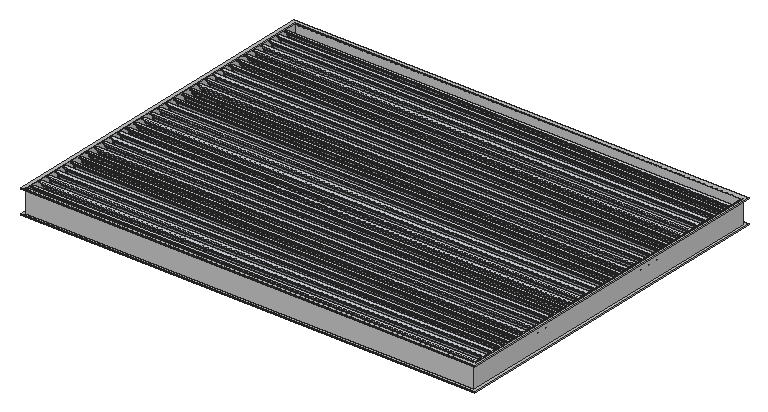
Revit family "Louver-Flanged_Frame-Carnes-Wind_Driven_Rain-FSWB", category Air Terminals, host Face, Revit 2012
Parameters (values of type "(See Type Catalog)")
  ecoScorecard_data = ""
  ecoScorecard Product Page = "http://ecoscorecard.com/"
  Wall Thickness Cut [instance] = 0' - 10 125/128"
  URL = "http://www.carnes.com/index.html"
  Subcategory = "Louvers and Dampers"
  Specifications  URL = "http://www.carnes.com/Louvers/pdf/17141.pdf"
  Product Page URL = "http://www.carnes.com/Louvers/FRWB-FSWB.htm"
  Product Line = "Wind Driven Rain Louvers"
  Pressure Drop = 0.00 Pa
  Point of Water Penetration = 1250 FPM
  Outside Width = Louver Width Control + 0' 0 3/4" * 2  # 8' - 1 1/2"
  Outside Height = Louver Height Control + 0' 0 3/4" * 2  # 6' - 1 1/2"
  Model = "FSWB"
  Minimum Size = "12\"W x 12\"H"
  Meets Building Code Standards = "See Catalog URL"
  Maximum Size Note = "120\"W x 84\"H or 84\"W x 120\"H"
  Manufacturer = "Carnes Company"
  Louver Width Control = if(Louver Width < 1' 0", 1' 0", if(Louver Width > 10' 0", 10' 0", Louver Width))  # 8' - 0"
  Louver Height Control = if(Louver Height < 1' 0", 1' 0", if(Louver Height > 10' 0", 10' 0", Louver Height))  # 6' - 0"
  Free Area Note = "See Spec Sheet URL"
  Free Area = 0.00 SF
  Description = "Wind Driven Rain Louvers"
  Connector Description 1 = "Duct Connetor"
  Blades Quantity [instance] = (Louver Height Control - (Blade Offset from Frame - 0' 0 3/4")) / 0' 2 1/8"  # 33
  Manufacturer Phone = "608-845-6411"
  Manufacturer Fax = "608-845-6470"
  Manufacturer Email = "mailto:carnes@carnes.com"
  Manufacturer Address = "448 S. Main St., P. O. Box 930040, Verona, WI 53593-0040"
  Louver Width = 8' - 0"
  Louver Length = 0' - 5 13/128"
  Louver Height = 6' - 0"
  Blades Length [instance] = Louver Length - (0' 0.13" * 2)  # 0' - 4.84156"
  Frame Material = Aluminum - Carnes - Extruded
  Default Elevation = 4' - 0"
  Cost Info = "mailto:carnes@carnes.com"
  Catalog URL = "http://www.carnes.com/Louvers/pdf/f56-58.pdf"
  Symbol Blades Quantity = Louver Width / 0' 3" - (3 / 4 * 2)  # 31
  Blade Offset from Frame [instance] = 0' - 2 1/2"
  Blade Material = Aluminum - Carnes - Extruded
  Assembly Code = "D3090700"
  Airflow = 0 CFM
  95 CSI = "10200"
  04 CSI = "08 91 00"
Reference planes (in)
  plane 1 "Center (Elevation)": y = 0
  plane 2: z = 0
  plane 3 "Center (Left/Right)": x = 0
  plane 4 "Rear": z = -5.10156
  plane 5: z = -0.125
  plane 6: z = -4.97656
  plane 7: z = -2.55078
  plane 8: x = -48
  plane 9: x = 48
  plane 10: x = -48.75
  plane 11: x = 48.75
  plane 12: y = 36
  plane 13: y = -36
  plane 14: y = 36.75
  plane 15: y = -36.75
  plane 16 "Blade CL": y = 34.25
  plane 17: z = -10.97656
Forms (in)
  Extrusion 1, solid, material "Aluminum - Carnes - Extruded" <- "Frame Material"
    sketch origin (0, 0, 0) x (1, 0, 0) y (0, 1, 0)
      loop
        line (-48.75, 36.75) -> (-48.75, -36.75) -> (48.75, -36.75) -> (48.75, 36.75) -> (-48.75, 36.75)
      loop
        line (-48, 36) -> (-48, -36) -> (48, -36) -> (48, 36) -> (-48, 36)
    from -0.125 to 0
  Extrusion 2, solid, material "Aluminum - Carnes - Extruded" <- "Frame Material"
    sketch origin (0, 0, 0) x (1, 0, 0) y (0, 1, 0)
      loop
        line (-48.75, 36.75) -> (-48.75, -36.75) -> (48.75, -36.75) -> (48.75, 36.75) -> (-48.75, 36.75)
      loop
        line (-48, 36) -> (-48, -36) -> (48, -36) -> (48, 36) -> (-48, 36)
    from -5.10156 to -4.97656
  Extrusion 3, solid, material "Aluminum - Carnes - Extruded" <- "Frame Material"
    sketch origin (0, 0, 0) x (1, 0, 0) y (0, 1, 0)
      loop
        line (-48, 36) -> (-48, -36) -> (48, -36) -> (48, 36) -> (-48, 36)
      loop
        line (-48.125, 36.125) -> (-48.125, -36.125) -> (48.125, -36.125) -> (48.125, 36.125) -> (-48.125, 36.125)
    from -4.97656 to -0.125
  Sweep 4, void
    path origin (0, 0, 0) x (1, 0, 0) y (0, 0, 1)
      loop
        line (0, 0) -> (0, -10.97656)
    profile origin (0, 0, -5.48828) x (0, -1, 0) y (1, 0, 0)
      loop
        line (-36.75, -48.75) -> (36.75, -48.75) -> (36.75, 48.75) -> (-36.75, 48.75) -> (-36.75, -48.75)
Lines and regions (in)
  Masking region 1, detail levels coarse
    outline origin (0, 0, 0) x (1, 0, 0) y (0, 0, 1)
      loop
        line (48.75, 0) -> (-48.75, 0) -> (-48.75, -5.10156) -> (48.75, -5.10156) -> (48.75, 0)
  Masking region 2, detail levels medium+fine
    outline origin (0, 0, 0) x (1, 0, 0) y (0, 0, 1)
      loop
        line (48.75, 0) -> (-48.75, 0) -> (-48.75, -0.125) -> (-48.125, -0.125) -> (-48.125, -4.97656) -> (-48.75, -4.97656) -> (-48.75, -5.10156) -> (48.75, -5.10156) -> (48.75, -4.97656) -> (48.125, -4.97656) -> (48.125, -0.125) -> (48.75, -0.125) -> (48.75, 0)
  symbolic lines, detail levels fine
    curve 1: line (48.125, 0, -0.125) -> (-48.125, 0, -0.125)
    curve 2: line (48.125, 0, -4.97656) -> (-48.125, 0, -4.97656)
  symbolic lines
    curve 3: line (48, 0, -0.1875) -> (47.52861, 0, -0.1875)
    curve 4: line (44.96596, 0, -4.91406) -> (46.24728, 0, -2.55078)
    curve 5: line (46.24728, 0, -2.55078) -> (47.52861, 0, -0.1875)
    curve 6: line (44.96596, 0, -4.91406) -> (44.49457, 0, -4.91406)
    curve 7: line (45, 0, -0.1875) -> (44.52861, 0, -0.1875)
    curve 8: line (41.96596, 0, -4.91406) -> (43.24728, 0, -2.55078)
    curve 9: line (43.24728, 0, -2.55078) -> (44.52861, 0, -0.1875)
    curve 10: line (41.96596, 0, -4.91406) -> (41.49457, 0, -4.91406)
    curve 11: line (42, 0, -0.1875) -> (41.52861, 0, -0.1875)
    curve 12: line (38.96596, 0, -4.91406) -> (40.24728, 0, -2.55078)
    curve 13: line (40.24728, 0, -2.55078) -> (41.52861, 0, -0.1875)
    curve 14: line (38.96596, 0, -4.91406) -> (38.49457, 0, -4.91406)
    curve 15: line (39, 0, -0.1875) -> (38.52861, 0, -0.1875)
    curve 16: line (35.96596, 0, -4.91406) -> (37.24728, 0, -2.55078)
    curve 17: line (37.24728, 0, -2.55078) -> (38.52861, 0, -0.1875)
    curve 18: line (35.96596, 0, -4.91406) -> (35.49457, 0, -4.91406)
    curve 19: line (36, 0, -0.1875) -> (35.52861, 0, -0.1875)
    curve 20: line (32.96596, 0, -4.91406) -> (34.24728, 0, -2.55078)
    curve 21: line (34.24728, 0, -2.55078) -> (35.52861, 0, -0.1875)
    curve 22: line (32.96596, 0, -4.91406) -> (32.49457, 0, -4.91406)
    curve 23: line (33, 0, -0.1875) -> (32.52861, 0, -0.1875)
    curve 24: line (29.96596, 0, -4.91406) -> (31.24728, 0, -2.55078)
    curve 25: line (31.24728, 0, -2.55078) -> (32.52861, 0, -0.1875)
    curve 26: line (29.96596, 0, -4.91406) -> (29.49457, 0, -4.91406)
    curve 27: line (30, 0, -0.1875) -> (29.52861, 0, -0.1875)
    curve 28: line (26.96596, 0, -4.91406) -> (28.24728, 0, -2.55078)
    curve 29: line (28.24728, 0, -2.55078) -> (29.52861, 0, -0.1875)
    curve 30: line (26.96596, 0, -4.91406) -> (26.49457, 0, -4.91406)
    curve 31: line (27, 0, -0.1875) -> (26.52861, 0, -0.1875)
    curve 32: line (23.96596, 0, -4.91406) -> (25.24728, 0, -2.55078)
    curve 33: line (25.24728, 0, -2.55078) -> (26.52861, 0, -0.1875)
    curve 34: line (23.96596, 0, -4.91406) -> (23.49457, 0, -4.91406)
    curve 35: line (24, 0, -0.1875) -> (23.52861, 0, -0.1875)
    curve 36: line (20.96596, 0, -4.91406) -> (22.24728, 0, -2.55078)
    curve 37: line (22.24728, 0, -2.55078) -> (23.52861, 0, -0.1875)
    curve 38: line (20.96596, 0, -4.91406) -> (20.49457, 0, -4.91406)
    curve 39: line (21, 0, -0.1875) -> (20.52861, 0, -0.1875)
    curve 40: line (17.96596, 0, -4.91406) -> (19.24728, 0, -2.55078)
    curve 41: line (19.24728, 0, -2.55078) -> (20.52861, 0, -0.1875)
    curve 42: line (17.96596, 0, -4.91406) -> (17.49457, 0, -4.91406)
    curve 43: line (18, 0, -0.1875) -> (17.52861, 0, -0.1875)
    curve 44: line (14.96596, 0, -4.91406) -> (16.24728, 0, -2.55078)
    curve 45: line (16.24728, 0, -2.55078) -> (17.52861, 0, -0.1875)
    curve 46: line (14.96596, 0, -4.91406) -> (14.49457, 0, -4.91406)
    curve 47: line (15, 0, -0.1875) -> (14.52861, 0, -0.1875)
    curve 48: line (11.96596, 0, -4.91406) -> (13.24728, 0, -2.55078)
    curve 49: line (13.24728, 0, -2.55078) -> (14.52861, 0, -0.1875)
    curve 50: line (11.96596, 0, -4.91406) -> (11.49457, 0, -4.91406)
    curve 51: line (12, 0, -0.1875) -> (11.52861, 0, -0.1875)
    curve 52: line (8.96596, 0, -4.91406) -> (10.24728, 0, -2.55078)
    curve 53: line (10.24728, 0, -2.55078) -> (11.52861, 0, -0.1875)
    curve 54: line (8.96596, 0, -4.91406) -> (8.49457, 0, -4.91406)
    curve 55: line (9, 0, -0.1875) -> (8.52861, 0, -0.1875)
    curve 56: line (5.96596, 0, -4.91406) -> (7.24728, 0, -2.55078)
    curve 57: line (7.24728, 0, -2.55078) -> (8.52861, 0, -0.1875)
    curve 58: line (5.96596, 0, -4.91406) -> (5.49457, 0, -4.91406)
    curve 59: line (6, 0, -0.1875) -> (5.52861, 0, -0.1875)
    curve 60: line (2.96596, 0, -4.91406) -> (4.24728, 0, -2.55078)
    curve 61: line (4.24728, 0, -2.55078) -> (5.52861, 0, -0.1875)
    curve 62: line (2.96596, 0, -4.91406) -> (2.49457, 0, -4.91406)
    curve 63: line (3, 0, -0.1875) -> (2.52861, 0, -0.1875)
    curve 64: line (-0.03404, 0, -4.91406) -> (1.24728, 0, -2.55078)
    curve 65: line (1.24728, 0, -2.55078) -> (2.52861, 0, -0.1875)
    curve 66: line (-0.03404, 0, -4.91406) -> (-0.50543, 0, -4.91406)
    curve 67: line (0, 0, -0.1875) -> (-0.47139, 0, -0.1875)
    curve 68: line (-3.03404, 0, -4.91406) -> (-1.75272, 0, -2.55078)
    curve 69: line (-1.75272, 0, -2.55078) -> (-0.47139, 0, -0.1875)
    curve 70: line (-3.03404, 0, -4.91406) -> (-3.50543, 0, -4.91406)
    curve 71: line (-3, 0, -0.1875) -> (-3.47139, 0, -0.1875)
    curve 72: line (-6.03404, 0, -4.91406) -> (-4.75272, 0, -2.55078)
    curve 73: line (-4.75272, 0, -2.55078) -> (-3.47139, 0, -0.1875)
    curve 74: line (-6.03404, 0, -4.91406) -> (-6.50543, 0, -4.91406)
    curve 75: line (-6, 0, -0.1875) -> (-6.47139, 0, -0.1875)
    curve 76: line (-9.03404, 0, -4.91406) -> (-7.75272, 0, -2.55078)
    curve 77: line (-7.75272, 0, -2.55078) -> (-6.47139, 0, -0.1875)
    curve 78: line (-9.03404, 0, -4.91406) -> (-9.50543, 0, -4.91406)
    curve 79: line (-9, 0, -0.1875) -> (-9.47139, 0, -0.1875)
    curve 80: line (-12.03404, 0, -4.91406) -> (-10.75272, 0, -2.55078)
    curve 81: line (-10.75272, 0, -2.55078) -> (-9.47139, 0, -0.1875)
    curve 82: line (-12.03404, 0, -4.91406) -> (-12.50543, 0, -4.91406)
    curve 83: line (-12, 0, -0.1875) -> (-12.47139, 0, -0.1875)
    curve 84: line (-15.03404, 0, -4.91406) -> (-13.75272, 0, -2.55078)
    curve 85: line (-13.75272, 0, -2.55078) -> (-12.47139, 0, -0.1875)
    curve 86: line (-15.03404, 0, -4.91406) -> (-15.50543, 0, -4.91406)
    curve 87: line (-15, 0, -0.1875) -> (-15.47139, 0, -0.1875)
    curve 88: line (-18.03404, 0, -4.91406) -> (-16.75272, 0, -2.55078)
    curve 89: line (-16.75272, 0, -2.55078) -> (-15.47139, 0, -0.1875)
    curve 90: line (-18.03404, 0, -4.91406) -> (-18.50543, 0, -4.91406)
    curve 91: line (-18, 0, -0.1875) -> (-18.47139, 0, -0.1875)
    curve 92: line (-21.03404, 0, -4.91406) -> (-19.75272, 0, -2.55078)
    curve 93: line (-19.75272, 0, -2.55078) -> (-18.47139, 0, -0.1875)
    curve 94: line (-21.03404, 0, -4.91406) -> (-21.50543, 0, -4.91406)
    curve 95: line (-21, 0, -0.1875) -> (-21.47139, 0, -0.1875)
    curve 96: line (-24.03404, 0, -4.91406) -> (-22.75272, 0, -2.55078)
    curve 97: line (-22.75272, 0, -2.55078) -> (-21.47139, 0, -0.1875)
    curve 98: line (-24.03404, 0, -4.91406) -> (-24.50543, 0, -4.91406)
    curve 99: line (-24, 0, -0.1875) -> (-24.47139, 0, -0.1875)
    curve 100: line (-27.03404, 0, -4.91406) -> (-25.75272, 0, -2.55078)
    curve 101: line (-25.75272, 0, -2.55078) -> (-24.47139, 0, -0.1875)
    curve 102: line (-27.03404, 0, -4.91406) -> (-27.50543, 0, -4.91406)
    curve 103: line (-27, 0, -0.1875) -> (-27.47139, 0, -0.1875)
    curve 104: line (-30.03404, 0, -4.91406) -> (-28.75272, 0, -2.55078)
    curve 105: line (-28.75272, 0, -2.55078) -> (-27.47139, 0, -0.1875)
    curve 106: line (-30.03404, 0, -4.91406) -> (-30.50543, 0, -4.91406)
    curve 107: line (-30, 0, -0.1875) -> (-30.47139, 0, -0.1875)
    curve 108: line (-33.03404, 0, -4.91406) -> (-31.75272, 0, -2.55078)
    curve 109: line (-31.75272, 0, -2.55078) -> (-30.47139, 0, -0.1875)
    curve 110: line (-33.03404, 0, -4.91406) -> (-33.50543, 0, -4.91406)
    curve 111: line (-33, 0, -0.1875) -> (-33.47139, 0, -0.1875)
    curve 112: line (-36.03404, 0, -4.91406) -> (-34.75272, 0, -2.55078)
    curve 113: line (-34.75272, 0, -2.55078) -> (-33.47139, 0, -0.1875)
    curve 114: line (-36.03404, 0, -4.91406) -> (-36.50543, 0, -4.91406)
    curve 115: line (-36, 0, -0.1875) -> (-36.47139, 0, -0.1875)
    curve 116: line (-39.03404, 0, -4.91406) -> (-37.75272, 0, -2.55078)
    curve 117: line (-37.75272, 0, -2.55078) -> (-36.47139, 0, -0.1875)
    curve 118: line (-39.03404, 0, -4.91406) -> (-39.50543, 0, -4.91406)
    curve 119: line (-39, 0, -0.1875) -> (-39.47139, 0, -0.1875)
    curve 120: line (-42.03404, 0, -4.91406) -> (-40.75272, 0, -2.55078)
    curve 121: line (-40.75272, 0, -2.55078) -> (-39.47139, 0, -0.1875)
    curve 122: line (-42.03404, 0, -4.91406) -> (-42.50543, 0, -4.91406)
    curve 123: line (-42, 0, -0.1875) -> (-42.47139, 0, -0.1875)
    curve 124: line (-45.03404, 0, -4.91406) -> (-43.75272, 0, -2.55078)
    curve 125: line (-43.75272, 0, -2.55078) -> (-42.47139, 0, -0.1875)
    curve 126: line (-45.03404, 0, -4.91406) -> (-45.50543, 0, -4.91406)
Dimensions and locks (in)
  equal spacing: plane 15, plane 1 "Center (Elevation)", plane 14
  locked: plane 2 to plane 5 at 0.125
  locked: plane 6 to plane 4 "Rear" at 0.125
  "Louver Length": plane 2 to plane 4 "Rear"
  equal spacing: plane 5, plane 7, plane 6
  "Blade Offset from Frame": plane 14 to plane 16 "Blade CL"
  "Outside Height": plane 14 to plane 15
  equal spacing: plane 8, plane 3 "Center (Left/Right)", plane 9
  "Louver Width Control": plane 8 to plane 9
  equal spacing: plane 10, plane 3 "Center (Left/Right)", plane 11
  "Outside Width": plane 10 to plane 11
  equal spacing: plane 13, plane 1 "Center (Elevation)", plane 12
  "Louver Height Control": plane 13 to plane 12
  locked: curve 3 to plane 5 at 0.0625
  equal spacing: group 1, group 2, group 3, group 4, group 5, group 6, group 7, group 8, group 9, group 10, group 11, group 12, group 13, group 14, group 15, group 16, group 17, group 18, group 19, group 20, group 21, group 22, group 23, group 24, group 25, group 26, group 27, group 28, group 29, group 30, group 31, group 32, group 33  (x2)
  equal spacing: group 33, group 32, group 31, group 30, group 29, group 28, group 27, group 26, group 25, group 24, group 23, group 22, group 21, group 20, group 19, group 18, group 17, group 16, group 15, group 14, group 13, group 12, group 11, group 10, group 9, group 8, group 7, group 6, group 5, group 4, group 3, group 2, group 1
  locked: nested 1 to nested 2 at 2.125
  locked: plane 5 to nested 33 at 0.03168
  locked: plane 5 to nested 1 at 0.03168
  "Wall Thickness Cut": plane 2 to plane 17
  locked: curve 6 to plane 11 at 4.25543
  locked: curve 5 to plane 11 at 2.50272
  locked: plane 6 to curve 6 at 0.0625
  equal spacing: group 64, group 63, group 62, group 61, group 60, group 59, group 58, group 57, group 56, group 55, group 54, group 53, group 52, group 51, group 50, group 49, group 48, group 47, group 46, group 45, group 44, group 43, group 42, group 41, group 40, group 39, group 38, group 37, group 36, group 35, group 34
  equal spacing: group 34, group 35, group 36, group 37, group 38, group 39, group 40, group 41, group 42, group 43, group 44, group 45, group 46, group 47, group 48, group 49, group 50, group 51, group 52, group 53, group 54, group 55, group 56, group 57, group 58, group 59, group 60, group 61, group 62, group 63, group 64  (x2)
  locked: curve 5 to curve 9 at 3
  locked: curve 123 to plane 5 at 0.0625
  locked: plane 6 to curve 126 at 0.0625
  aligned and locked: plane 2 to host face
  aligned and locked: host face to level
  aligned and locked: plane 10 to Extrusion 1 sketch curve
  aligned and locked: Extrusion 1 sketch curve to plane 14
  aligned and locked: plane 15 to Extrusion 1 sketch curve
  aligned and locked: plane 11 to Extrusion 1 sketch curve
  aligned and locked: plane 8 to Extrusion 1 sketch curve
  aligned and locked: Extrusion 1 sketch curve to plane 12
  aligned and locked: plane 13 to Extrusion 1 sketch curve
  aligned and locked: plane 9 to Extrusion 1 sketch curve
  aligned and locked: Extrusion 1 to plane 5
  aligned and locked: plane 2 to Extrusion 1
  aligned and locked: Extrusion 2 sketch curve to Extrusion 1  (x6)
  aligned and locked: Extrusion 1 to Extrusion 2 sketch curve  (x2)
  aligned and locked: plane 6 to Extrusion 2
  aligned and locked: Extrusion 2 to plane 4 "Rear"
  aligned and locked: plane 8 to Extrusion 3 sketch curve
  aligned and locked: Extrusion 3 sketch curve to Extrusion 1  (x3)
  aligned and locked: plane 5 to Extrusion 3
  aligned and locked: Extrusion 3 to plane 6
  aligned and locked: plane 11 to Masking region 1 sketch curve
  aligned and locked: Masking region 1 sketch curve to plane 2
  aligned and locked: plane 4 "Rear" to Masking region 1 sketch curve
  aligned and locked: plane 10 to Masking region 1 sketch curve
  aligned and locked: Masking region 2 sketch curve to level
  aligned and locked: Masking region 2 sketch curve to plane 11  (x2)
  aligned and locked: plane 5 to Masking region 2 sketch curve  (x2)
  aligned and locked: Masking region 2 sketch curve to Extrusion 3  (x2)
  aligned and locked: plane 6 to Masking region 2 sketch curve  (x2)
  aligned and locked: plane 4 "Rear" to Masking region 2 sketch curve
  aligned and locked: Masking region 2 sketch curve to plane 10  (x2)
  aligned and locked: Extrusion 3 to curve 1  (x2)
  aligned and locked: curve 1 to plane 5
  aligned and locked: Extrusion 3 to curve 2  (x2)
  aligned and locked: curve 2 to plane 6
  aligned and locked: plane 7 to nested 1
  aligned and locked: plane 16 "Blade CL" to nested 1
  aligned and locked: plane 2 to Sweep 4 sketch curve
  aligned and locked: plane 17 to Sweep 4 sketch curve
  aligned and locked: Sweep 4 sketch curve to plane 3 "Center (Left/Right)"
  aligned and locked: plane 10 to Sweep 4 sketch curve
  aligned and locked: plane 11 to Sweep 4 sketch curve
  aligned and locked: Sweep 4 sketch curve to plane 14
  aligned and locked: Sweep 4 sketch curve to plane 15
Automatic sketch dimensions
  host sketch curve to host sketch curve = 10' - 2.28147"
  host sketch curve to host sketch curve = 14' - 5.35151"
  curve 4 to curve 5 = 0' - 2.68829"  (x4)
  curve 3 to curve 3 = 0' - 0.47139"
  Extrusion 3 sketch curve to plane 8 = 0' - 0 1/8"
  Extrusion 3 sketch curve to plane 9 = 0' - 0 1/8"
  plane 13 to Extrusion 3 sketch curve = 0' - 0 1/8"
  plane 12 to Extrusion 3 sketch curve = 0' - 0 1/8"
Nested families (in)
  nested 1: "Louver_Blade-Carnes" at (0, 29.38021, -2.55078) x (-1, 0, 0) z (0, 0, 1), type "Standard"
    with Width 8' - 0", Length 0' - 4.84156"
  nested 2: "Louver_Blade-Carnes" at (0, 27.25521, -2.55078) x (-1, 0, 0) z (0, 0, 1), type "Standard"
    with Width 8' - 0", Length 0' - 4.84156"
  nested 3: "Louver_Blade-Carnes" at (0, 25.13021, -2.55078) x (-1, 0, 0) z (0, 0, 1), type "Standard"
    with Width 8' - 0", Length 0' - 4.84156"
  nested 4: "Louver_Blade-Carnes" at (0, 23.00521, -2.55078) x (-1, 0, 0) z (0, 0, 1), type "Standard"
    with Width 8' - 0", Length 0' - 4.84156"
  nested 5: "Louver_Blade-Carnes" at (0, 20.88021, -2.55078) x (-1, 0, 0) z (0, 0, 1), type "Standard"
    with Width 8' - 0", Length 0' - 4.84156"
  nested 6: "Louver_Blade-Carnes" at (0, 18.75521, -2.55078) x (-1, 0, 0) z (0, 0, 1), type "Standard"
    with Width 8' - 0", Length 0' - 4.84156"
  nested 7: "Louver_Blade-Carnes" at (0, 16.63021, -2.55078) x (-1, 0, 0) z (0, 0, 1), type "Standard"
    with Width 8' - 0", Length 0' - 4.84156"
  nested 8: "Louver_Blade-Carnes" at (0, 14.50521, -2.55078) x (-1, 0, 0) z (0, 0, 1), type "Standard"
    with Width 8' - 0", Length 0' - 4.84156"
  nested 9: "Louver_Blade-Carnes" at (0, 12.38021, -2.55078) x (-1, 0, 0) z (0, 0, 1), type "Standard"
    with Width 8' - 0", Length 0' - 4.84156"
  nested 10: "Louver_Blade-Carnes" at (0, 10.25521, -2.55078) x (-1, 0, 0) z (0, 0, 1), type "Standard"
    with Width 8' - 0", Length 0' - 4.84156"
  nested 11: "Louver_Blade-Carnes" at (0, 8.13021, -2.55078) x (-1, 0, 0) z (0, 0, 1), type "Standard"
    with Width 8' - 0", Length 0' - 4.84156"
  nested 12: "Louver_Blade-Carnes" at (0, 6.00521, -2.55078) x (-1, 0, 0) z (0, 0, 1), type "Standard"
    with Width 8' - 0", Length 0' - 4.84156"
  nested 13: "Louver_Blade-Carnes" at (0, 3.88021, -2.55078) x (-1, 0, 0) z (0, 0, 1), type "Standard"
    with Width 8' - 0", Length 0' - 4.84156"
  nested 14: "Louver_Blade-Carnes" at (0, 1.75521, -2.55078) x (-1, 0, 0) z (0, 0, 1), type "Standard"
    with Width 8' - 0", Length 0' - 4.84156"
  nested 15: "Louver_Blade-Carnes" at (0, -0.36979, -2.55078) x (-1, 0, 0) z (0, 0, 1), type "Standard"
    with Width 8' - 0", Length 0' - 4.84156"
  nested 16: "Louver_Blade-Carnes" at (0, -2.49479, -2.55078) x (-1, 0, 0) z (0, 0, 1), type "Standard"
    with Width 8' - 0", Length 0' - 4.84156"
  nested 17: "Louver_Blade-Carnes" at (0, -4.61979, -2.55078) x (-1, 0, 0) z (0, 0, 1), type "Standard"
    with Width 8' - 0", Length 0' - 4.84156"
  nested 18: "Louver_Blade-Carnes" at (0, -6.74479, -2.55078) x (-1, 0, 0) z (0, 0, 1), type "Standard"
    with Width 8' - 0", Length 0' - 4.84156"
  nested 19: "Louver_Blade-Carnes" at (0, -8.86979, -2.55078) x (-1, 0, 0) z (0, 0, 1), type "Standard"
    with Width 8' - 0", Length 0' - 4.84156"
  nested 20: "Louver_Blade-Carnes" at (0, -10.99479, -2.55078) x (-1, 0, 0) z (0, 0, 1), type "Standard"
    with Width 8' - 0", Length 0' - 4.84156"
  nested 21: "Louver_Blade-Carnes" at (0, -13.11979, -2.55078) x (-1, 0, 0) z (0, 0, 1), type "Standard"
    with Width 8' - 0", Length 0' - 4.84156"
  nested 22: "Louver_Blade-Carnes" at (0, -15.24479, -2.55078) x (-1, 0, 0) z (0, 0, 1), type "Standard"
    with Width 8' - 0", Length 0' - 4.84156"
  nested 23: "Louver_Blade-Carnes" at (0, -17.36979, -2.55078) x (-1, 0, 0) z (0, 0, 1), type "Standard"
    with Width 8' - 0", Length 0' - 4.84156"
  nested 24: "Louver_Blade-Carnes" at (0, -19.49479, -2.55078) x (-1, 0, 0) z (0, 0, 1), type "Standard"
    with Width 8' - 0", Length 0' - 4.84156"
  nested 25: "Louver_Blade-Carnes" at (0, -21.61979, -2.55078) x (-1, 0, 0) z (0, 0, 1), type "Standard"
    with Width 8' - 0", Length 0' - 4.84156"
  nested 26: "Louver_Blade-Carnes" at (0, -23.74479, -2.55078) x (-1, 0, 0) z (0, 0, 1), type "Standard"
    with Width 8' - 0", Length 0' - 4.84156"
  nested 27: "Louver_Blade-Carnes" at (0, -25.86979, -2.55078) x (-1, 0, 0) z (0, 0, 1), type "Standard"
    with Width 8' - 0", Length 0' - 4.84156"
  nested 28: "Louver_Blade-Carnes" at (0, -27.99479, -2.55078) x (-1, 0, 0) z (0, 0, 1), type "Standard"
    with Width 8' - 0", Length 0' - 4.84156"
  nested 29: "Louver_Blade-Carnes" at (0, -30.11979, -2.55078) x (-1, 0, 0) z (0, 0, 1), type "Standard"
    with Width 8' - 0", Length 0' - 4.84156"
  nested 30: "Louver_Blade-Carnes" at (0, -32.24479, -2.55078) x (-1, 0, 0) z (0, 0, 1), type "Standard"
    with Width 8' - 0", Length 0' - 4.84156"
  nested 31: "Louver_Blade-Carnes" at (0, -34.36979, -2.55078) x (-1, 0, 0) z (0, 0, 1), type "Standard"
    with Width 8' - 0", Length 0' - 4.84156"
  nested 32: "Louver_Blade-Carnes" at (0, -36.49479, -2.55078) x (-1, 0, 0) z (0, 0, 1), type "Standard"
    with Width 8' - 0", Length 0' - 4.84156"
  nested 33: "Louver_Blade-Carnes" at (0, -38.61979, -2.55078) x (-1, 0, 0) z (0, 0, 1), type "Standard"
    with Width 8' - 0", Length 0' - 4.84156"
Connectors (in)
  hvac at (0, 0, -5.10156), driven by "Louver Height Control", driven by "Louver Width Control", driven by "Connector Description 1", driven by "Airflow", driven by "Pressure Drop"
    settings: on Extrusion 2, index 1, duct flow 0 CFM, flow factor 0, pres drop 0.00 Pa, loss coef 0, conn angle 0.00°, conn width 96", conn height 72", conn radius 12", duct sys type 29, conn prof type 1, flow config 0, flow direction 0, loss method 4, conn ref index -1, conn util no, is conn primary yes, conn desc "Duct Connetor"
Definition of nested family "Louver_Blade-Carnes"
  Parameters (values of type "Standard")
    Width = 6' - 0"
    Blade Material = Aluminum - Carnes - Extruded
    Length = 0' - 5.1"
    Assembly Code = ""
  Reference planes (in)
    plane 1 "Center (Front/Back)": y = -4.86979
    plane 2: z = 0
    plane 3 "Center (Left/Right)": x = 0
    plane 4: y = -2.31979
    plane 5: z = 2.55
    plane 6: z = -2.55
    plane 7: x = -36
    plane 8: x = 36
    plane 9: y = -7.41979
  Forms (in)
    Sweep 1, solid
      path origin (0, -4.77593, 4.77128) x (1, 0, 0) y (0, 0, 1)
        loop
          line (36, -4.86979) -> (-36, -4.86979)
      profile origin (0, -4.77593, -0.0985) x (0, 0, -1) y (0, -1, 0)
        loop
          line (2.30025, -1.21252) -> (2.30025, -0.63331)
          arc (2.30025, -0.63331) -> (2.23314, -0.46286) -> (2.06784, -0.38393) r 0.25
          arc (2.06784, -0.38393) -> (1.12104, -0.02063) -> (0.53802, 0.80913) r 1.7385
          arc (0.53802, 0.80913) -> (0.04782, 1.20512) -> (-0.514, 0.9197) r 0.57957
          line (-0.514, 0.9197) -> (-0.46992, 0.87562)
          arc (-0.46992, 0.87562) -> (0.03359, 1.14623) -> (0.481, 0.79045) r 0.51957
          arc (0.481, 0.79045) -> (0.58859, 0.53199) -> (0.73498, 0.29335) r 1.7985
          line (0.73498, 0.29335) -> (0.80738, 0.19367) -> (0.66627, 0.25528)
          arc (0.66627, 0.25528) -> (0.2198, 0.43981) -> (-0.26021, 0.49445) r 1.73978
          arc (-0.26021, 0.49445) -> (-0.392, 0.4737) -> (-0.514, 0.4197) r 0.51358
          arc (-0.514, 0.4197) -> (-0.90354, 0.15027) -> (-1.2592, -0.16252) r 4.07627
          arc (-1.2592, -0.16252) -> (-1.42208, -0.27697) -> (-1.60569, -0.35387) r 0.92393
          arc (-1.60569, -0.35387) -> (-2.10521, -0.63559) -> (-2.43261, -1.10643) r 1.28616
          line (-2.43261, -1.10643) -> (-2.43261, -0.52026) -> (-2.49261, -0.52026) -> (-2.49261, -1.21279) -> (-2.40725, -1.21279)
          arc (-2.40725, -1.21279) -> (-2.09728, -0.7106) -> (-1.58861, -0.41138) r 1.22616
          arc (-1.58861, -0.41138) -> (-1.39229, -0.32905) -> (-1.21827, -0.20642) r 0.98393
          arc (-1.21827, -0.20642) -> (-0.86729, 0.10246) -> (-0.48279, 0.36845) r 4.01627
          arc (-0.48279, 0.36845) -> (-0.37505, 0.41614) -> (-0.25866, 0.43447) r 0.45358
          arc (-0.25866, 0.43447) -> (0.2413, 0.37186) -> (0.70019, 0.16379) r 1.67978
          line (0.70019, 0.16379) -> (1.51339, -0.31605)
          arc (1.51339, -0.31605) -> (1.78346, -0.40165) -> (2.06361, -0.44378) r 1.7985
          arc (2.06361, -0.44378) -> (2.18924, -0.50377) -> (2.24025, -0.63331) r 0.19
          line (2.24025, -0.63331) -> (2.24025, -1.21252) -> (2.30025, -1.21252)
  Dimensions and locks (in)
    equal spacing: plane 4, plane 1 "Center (Front/Back)", plane 9
    "Length": plane 4 to plane 9
    equal spacing: plane 7, plane 3 "Center (Left/Right)", plane 8
    equal spacing: plane 5, plane 2, plane 6
    "Length": plane 5 to plane 6
    "Width": plane 7 to plane 8
    aligned and locked: plane 7 to Sweep 1 sketch curve
    aligned and locked: plane 8 to Sweep 1 sketch curve
  Automatic sketch dimensions
    Sweep 1 sketch curve to level = 0' - 0.0985"
    Sweep 1 sketch curve to Sweep 1 sketch curve = 0' - 0"  (x31)
    Sweep 1 sketch curve to profile plane = 0' - 0.52026"
    profile plane to Sweep 1 sketch curve = 0' - 2.49261"
    Sweep 1 sketch curve to Sweep 1 sketch curve = 0' - 0.06"
    Sweep 1 sketch curve to Sweep 1 sketch curve = 0' - 0.08536"
    profile plane to Sweep 1 sketch curve = 0' - 0.53183"
    Sweep 1 sketch curve to Sweep 1 sketch curve = 0' - 0.56388"
    Sweep 1 sketch curve to profile plane = 0' - 0.35387"
    Sweep 1 sketch curve to Sweep 1 sketch curve = 0' - 0.82692"
    Sweep 1 sketch curve to Sweep 1 sketch curve = 0' - 0.01708"
    Sweep 1 sketch curve to profile plane = 0' - 0.16252"
    Sweep 1 sketch curve to Sweep 1 sketch curve = 0' - 0.34908"
    Sweep 1 sketch curve to Sweep 1 sketch curve = 0' - 0.04094"
    profile plane to Sweep 1 sketch curve = 0' - 0.514"
    Sweep 1 sketch curve to Sweep 1 sketch curve = 0' - 0.03121"
    Sweep 1 sketch curve to Sweep 1 sketch curve = 0' - 0.04408"
    Sweep 1 sketch curve to Sweep 1 sketch curve = 0' - 0.22258"
    Sweep 1 sketch curve to Sweep 1 sketch curve = 0' - 0.00156"
    profile plane to Sweep 1 sketch curve = 0' - 0.21507"
    profile plane to Sweep 1 sketch curve = 0' - 0.01276"
    Sweep 1 sketch curve to profile plane = 0' - 0.481"
    Sweep 1 sketch curve to Sweep 1 sketch curve = 0' - 0.05702"
    profile plane to Sweep 1 sketch curve = 0' - 0.25528"
    Sweep 1 sketch curve to Sweep 1 sketch curve = 0' - 0.18527"
    Sweep 1 sketch curve to Sweep 1 sketch curve = 0' - 0.03392"
    profile plane to Sweep 1 sketch curve = 0' - 0.29335"
    Sweep 1 sketch curve to Sweep 1 sketch curve = 0' - 0.06871"
    profile plane to Sweep 1 sketch curve = 0' - 0.19367"
    Sweep 1 sketch curve to Sweep 1 sketch curve = 0' - 0.10719"
    Sweep 1 sketch curve to profile plane = 0' - 0.31605"
    Sweep 1 sketch curve to Sweep 1 sketch curve = 0' - 0.70601"
    Sweep 1 sketch curve to Sweep 1 sketch curve = 0' - 0.53686"
    Sweep 1 sketch curve to Sweep 1 sketch curve = 0' - 0.01337"
    Sweep 1 sketch curve to Sweep 1 sketch curve = 0' - 0.00422"
    Sweep 1 sketch curve to Sweep 1 sketch curve = 0' - 1.65214"
    Sweep 1 sketch curve to Sweep 1 sketch curve = 0' - 0.57921"
